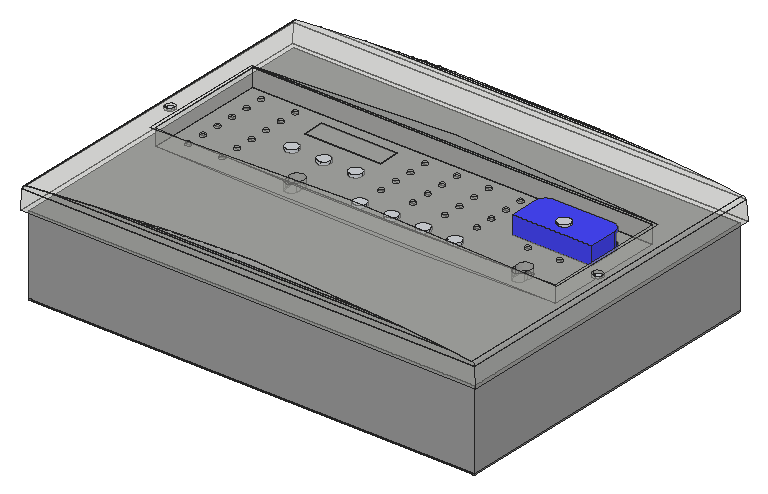
Revit family "Maxlogic Прибор управления пожаротушением, 4 шлейфа, 1 выход пожаротушения", category Fire Alarm Devices, host Face, Revit 2021
Family settings
  Host = Face
  Maintain Annotation Orientation = Yes
  Round Connector Dimension = Use Diameter
  Part Type = Normal
  OmniClass Number = 23.85.30.21
  OmniClass Title = Environmental Detection/Registration
  Cut with Voids When Loaded = No
  Shared = No
  Room Calculation Point = No
Parameters (values of type "Maxlogic Прибор управления пожаротушением, 4 шлейфа, 1 выход пожаротушения")
  Вес = "3900 гр"
  Монтажный короб для установки извещателя с поверхностной прокладкой кабеля = ""
  Гарантийный срок = "Года"
  Гарантийный срок запчастей = "2"
  Гарантия срока службы = "2"
  Версия = ""
  URL = "https://www.mavili.com.tr/"
  Монтажный комплект для установки извещателя в подвесной потолок = ""
  Номер позы общественных работ = ""
  Класс защиты = ""
  Код продукта = "ML-322"
  Номер телефона = "(+)90 216 466 45 05"
  Рабочее напряжение (по умолчанию) = ""
  Диапазон рабочего напряжения = ""
  Рабочая Температура = "(-5°C) - (+40°C)"
  Номинальная глубина = "100 мм"
  Номинальная ширина = "400 мм"
  Номинальная высота = "300 мм"
  Монтажная поверхность = "Настенная"
  Монтажная высота = ""
  Model = "Maxlogic"
  Manufacturer = "Mavili Elektronik Ticaret A.Ş."
  Инструкция по установке = "https://mavilielektronik.com/Revit/ML321_RU.pdf"
  Выход индикации = ""
  Номер факса = "(+)90 216 466 45 10"
  Резервное питание = "220 В Перем. ток"
  Почта = "mavili@mavili.com.tr"
  Отказ = ""
  Настройка адреса устройства = ""
  Description = "Прибор управления пожаротушением, 4 шлейфа, 1 выход пожаротушения"
  Default Elevation = 0 mm
  Потребление тока = ""
  Валюта = ""
  Cost = 0
  Совместимые базы для монтажа = ""
  Цвет = "Белый"
  Производительность кода = "EN 54-2, EN 54-4"
  Главный Материал = "Серый металлический"
  Вторичный материал = "Белый пластмассовый ABS"
  Аккумулятор = "2 X  (12В Пост. ток 7 Aм/ч. )"
  Assembly Code = ""
  Адрес №1 = "Şerifali Mahallesi Kutup Sokak No:27/1-2-4 Ümraniye TR-34775 İSTANBUL"
Reference planes
  plane 1 "Center (Front/Back)": y = 0
  plane 2: z = 0
  plane 3 "Center (Left/Right)": x = 0
Forms (mm)
  Extrusion 1, solid, material "mavili arka kasa"
    sketch origin (-210, -150, 148.173) x (1, 0, 0) y (0, 0, -1)
      loop
        line (42.905, 77.3) -> (434.905, 77.3) -> (434.905, 146.904)
        arc (434.905, 146.904) -> (434.545, 147.715) -> (433.785, 148.173) r 1.476
        line (433.785, 148.173) -> (44.505, 148.173)
        arc (44.505, 148.173) -> (43.374, 147.704) -> (42.905, 146.573) r 1.6
        line (42.905, 146.573) -> (42.905, 77.3)
    from 0 to 300
  Extrusion 2, solid, material "Mavili beyaz"
    sketch origin (-210, -150, 148.173) x (1, 0, 0) y (0, 0, -1)
      loop
        line (38.905, 77.3) -> (39.824, 59.769)
        arc (39.824, 59.769) -> (40.651, 57.854) -> (42.526, 56.941) r 3
        arc (42.526, 56.941) -> (238.905, 47.3) -> (435.284, 56.941) r 2005
        arc (435.284, 56.941) -> (437.16, 57.854) -> (437.987, 59.769) r 3
        line (437.987, 59.769) -> (438.905, 77.3) -> (38.905, 77.3)
    from 0 to 300
  Extrusion 3, void
    sketch origin (-167.095, -150, 70.872) x (0, 0, 1) y (0, -1, 0)
      loop
        arc (-69.27, -296) -> (-70.403, -295.532) -> (-70.872, -294.4) r 1.6
        line (-70.872, -294.4) -> (-70.872, -300) -> (0, -300) -> (0, -296) -> (-69.27, -296)
    from 0 to 392
  Extrusion 4, void
    sketch origin (-167.095, 150, 70.872) x (0, 0, 1) y (0, -1, 0)
      loop
        line (-69.27, 296) -> (0, 296) -> (0, 300) -> (-70.872, 300) -> (-70.872, 294.4)
        arc (-70.872, 294.4) -> (-70.403, 295.532) -> (-69.27, 296) r 1.6
    from 0 to 392
  Extrusion 5, void
    sketch origin (-210, -150, 148.173) x (0, 0, -1) y (0, 1, 0)
      loop
        line (55.289, 116.326) -> (55.289, 228.158) -> (47.3, 228.297) -> (47.3, 111.721) -> (55.289, 116.326)
    from 0 to 497.127
  Extrusion 6, void
    sketch origin (-210, -150, 148.173) x (0, 0, -1) y (0, 1, 0)
      loop
        arc (47.3, 295.581) -> (48.124, 297.646) -> (50.143, 298.577) r 3
        line (50.143, 298.577) -> (51.913, 298.669) -> (55.057, 298.834) -> (59.769, 299.081) -> (77.3, 300) -> (50, 300) -> (47.3, 300) -> (47.3, 295.581)
    from 0 to 493.151
  Extrusion 7, void
    sketch origin (-210, 150, 148.173) x (0, 0, -1) y (0, 1, 0)
      loop
        line (47.3, -295.581) -> (47.3, -300) -> (50, -300) -> (77.3, -300) -> (59.769, -299.081) -> (55.057, -298.834) -> (51.913, -298.669) -> (50.143, -298.577)
        arc (50.143, -298.577) -> (48.124, -297.646) -> (47.3, -295.581) r 3
    from 0 to 493.151
  Extrusion 8, void
    sketch origin (-167.095, 146, 25.472) x (0, 0, -1) y (1, 0, 0)
      loop
        line (-13.523, 66.9) -> (-13.523, 68.054)
        arc (-13.523, 68.054) -> (-15, 68.144) -> (-16.477, 68.054) r 12.144
        line (-16.477, 68.054) -> (-16.477, 66.9)
        arc (-16.477, 66.9) -> (-26, 56.025) -> (-16.527, 45.106) r 11
        line (-16.527, 45.106) -> (-16.527, 43.952)
        arc (-16.527, 43.952) -> (-15, 43.856) -> (-13.473, 43.952) r 12.144
        line (-13.473, 43.952) -> (-13.473, 45.106)
        arc (-13.473, 45.106) -> (-4, 56.025) -> (-13.523, 66.9) r 11
    from 0 to 1
  Extrusion 9, void
    sketch origin (-127.095, 146, 25.472) x (0, 0, -1) y (1, 0, 0)
      loop
        line (-13.523, 66.9) -> (-13.523, 68.054)
        arc (-13.523, 68.054) -> (-15, 68.144) -> (-16.477, 68.054) r 12.144
        line (-16.477, 68.054) -> (-16.477, 66.9)
        arc (-16.477, 66.9) -> (-26, 56.025) -> (-16.527, 45.106) r 11
        line (-16.527, 45.106) -> (-16.527, 43.952)
        arc (-16.527, 43.952) -> (-15, 43.856) -> (-13.473, 43.952) r 12.144
        line (-13.473, 43.952) -> (-13.473, 45.106)
        arc (-13.473, 45.106) -> (-4, 56.025) -> (-13.523, 66.9) r 11
    from 0 to 1
  Extrusion 10, void
    sketch origin (-87.095, 146, 25.472) x (0, 0, -1) y (1, 0, 0)
      loop
        line (-13.523, 66.9) -> (-13.523, 68.054)
        arc (-13.523, 68.054) -> (-15, 68.144) -> (-16.477, 68.054) r 12.144
        line (-16.477, 68.054) -> (-16.477, 66.9)
        arc (-16.477, 66.9) -> (-26, 56.025) -> (-16.527, 45.106) r 11
        line (-16.527, 45.106) -> (-16.527, 43.952)
        arc (-16.527, 43.952) -> (-15, 43.856) -> (-13.473, 43.952) r 12.144
        line (-13.473, 43.952) -> (-13.473, 45.106)
        arc (-13.473, 45.106) -> (-4, 56.025) -> (-13.523, 66.9) r 11
    from 0 to 1
  Extrusion 11, void
    sketch origin (-47.095, 146, 25.472) x (0, 0, -1) y (1, 0, 0)
      loop
        line (-13.523, 66.9) -> (-13.523, 68.054)
        arc (-13.523, 68.054) -> (-15, 68.144) -> (-16.477, 68.054) r 12.144
        line (-16.477, 68.054) -> (-16.477, 66.9)
        arc (-16.477, 66.9) -> (-26, 56.025) -> (-16.527, 45.106) r 11
        line (-16.527, 45.106) -> (-16.527, 43.952)
        arc (-16.527, 43.952) -> (-15, 43.856) -> (-13.473, 43.952) r 12.144
        line (-13.473, 43.952) -> (-13.473, 45.106)
        arc (-13.473, 45.106) -> (-4, 56.025) -> (-13.523, 66.9) r 11
    from 0 to 1
  Extrusion 12, void
    sketch origin (-7.095, 146, 25.472) x (0, 0, -1) y (1, 0, 0)
      loop
        line (-13.523, 66.9) -> (-13.523, 68.054)
        arc (-13.523, 68.054) -> (-15, 68.144) -> (-16.477, 68.054) r 12.144
        line (-16.477, 68.054) -> (-16.477, 66.9)
        arc (-16.477, 66.9) -> (-26, 56.025) -> (-16.527, 45.106) r 11
        line (-16.527, 45.106) -> (-16.527, 43.952)
        arc (-16.527, 43.952) -> (-15, 43.856) -> (-13.473, 43.952) r 12.144
        line (-13.473, 43.952) -> (-13.473, 45.106)
        arc (-13.473, 45.106) -> (-4, 56.025) -> (-13.523, 66.9) r 11
    from 0 to 1
  Extrusion 13, void
    sketch origin (32.905, 146, 25.472) x (0, 0, -1) y (1, 0, 0)
      loop
        line (-13.523, 66.9) -> (-13.523, 68.054)
        arc (-13.523, 68.054) -> (-15, 68.144) -> (-16.477, 68.054) r 12.144
        line (-16.477, 68.054) -> (-16.477, 66.9)
        arc (-16.477, 66.9) -> (-26, 56.025) -> (-16.527, 45.106) r 11
        line (-16.527, 45.106) -> (-16.527, 43.952)
        arc (-16.527, 43.952) -> (-15, 43.856) -> (-13.473, 43.952) r 12.144
        line (-13.473, 43.952) -> (-13.473, 45.106)
        arc (-13.473, 45.106) -> (-4, 56.025) -> (-13.523, 66.9) r 11
    from 0 to 1
  Extrusion 14, void
    sketch origin (72.905, 146, 25.472) x (0, 0, -1) y (1, 0, 0)
      loop
        line (-13.523, 66.9) -> (-13.523, 68.054)
        arc (-13.523, 68.054) -> (-15, 68.144) -> (-16.477, 68.054) r 12.144
        line (-16.477, 68.054) -> (-16.477, 66.9)
        arc (-16.477, 66.9) -> (-26, 56.025) -> (-16.527, 45.106) r 11
        line (-16.527, 45.106) -> (-16.527, 43.952)
        arc (-16.527, 43.952) -> (-15, 43.856) -> (-13.473, 43.952) r 12.144
        line (-13.473, 43.952) -> (-13.473, 45.106)
        arc (-13.473, 45.106) -> (-4, 56.025) -> (-13.523, 66.9) r 11
    from 0 to 1
  Extrusion 15, void
    sketch origin (112.905, 146, 25.472) x (0, 0, -1) y (1, 0, 0)
      loop
        line (-13.523, 66.9) -> (-13.523, 68.054)
        arc (-13.523, 68.054) -> (-15, 68.144) -> (-16.477, 68.054) r 12.144
        line (-16.477, 68.054) -> (-16.477, 66.9)
        arc (-16.477, 66.9) -> (-26, 56.025) -> (-16.527, 45.106) r 11
        line (-16.527, 45.106) -> (-16.527, 43.952)
        arc (-16.527, 43.952) -> (-15, 43.856) -> (-13.473, 43.952) r 12.144
        line (-13.473, 43.952) -> (-13.473, 45.106)
        arc (-13.473, 45.106) -> (-4, 56.025) -> (-13.523, 66.9) r 11
    from 0 to 1
  Extrusion 16, void
    sketch origin (-210, -33.417, 92.884) x (-1, 0, 0) y (0, 1, 0)
      loop
        line (-62.836, 2.214) -> (-62.836, 108.579)
        spline (-62.836, 108.579) -> (-92.123, 108.62) -> (-121.442, 108.654) -> (-150.785, 108.681) -> (-180.148, 108.699) -> (-209.524, 108.711) -> (-238.905, 108.714) -> (-268.287, 108.711) -> (-297.662, 108.699) -> (-327.025, 108.681) -> (-356.369, 108.654) -> (-385.687, 108.62) -> (-414.974, 108.579)
        line (-414.974, 108.579) -> (-414.974, 2.214)
        spline (-414.974, 2.214) -> (-385.687, 0.847) -> (-356.369, -0.273) -> (-327.025, -1.144) -> (-297.662, -1.766) -> (-268.287, -2.14) -> (-238.905, -2.264) -> (-209.524, -2.14) -> (-180.148, -1.766) -> (-150.785, -1.144) -> (-121.442, -0.273) -> (-92.123, 0.847) -> (-62.836, 2.214)
    from 0 to 15
  Revolve 17, solid, material "Glass"
    sketch origin (-225, 152.917, 77.884) x (-1, 0, 0) y (0, -1, 0)
      loop
        arc (-91.405, 87.917) -> (-93.905, 90.417) -> (-96.405, 87.917) r 2.5
        line (-96.405, 87.917) -> (-91.405, 87.917)
      axis (-91.405, 87.917) -> (-96.405, 87.917)
    angle from 0 to -180
  Extrusion 18, void
    sketch origin (-210, -33.417, 92.884) x (-1, 0, 0) y (0, 1, 0)
      loop
        circle (-50.905, 33.417) r 4.25
    from 0 to 3
  Extrusion 19, solid
    sketch origin (-210, -33.442, 89.884) x (0, 1, 0) y (-1, 0, 0)
      loop
        line (35.753, -50.862) -> (34.597, -48.861) -> (32.286, -48.861) -> (31.13, -50.862) -> (32.286, -52.864) -> (34.597, -52.864) -> (35.753, -50.862)
    from 0 to 1
  Extrusion 20, void
    sketch origin (267.811, -33.417, 92.884) x (-1, 0, 0) y (0, 1, 0)
      loop
        circle (50.905, 33.417) r 4.25
    from 0 to 3
  Extrusion 21, solid
    sketch origin (267.811, -33.442, 89.884) x (0, 1, 0) y (-1, 0, 0)
      loop
        line (35.753, 50.862) -> (34.597, 52.864) -> (32.286, 52.864) -> (31.13, 50.862) -> (32.286, 48.861) -> (34.597, 48.861) -> (35.753, 50.862)
    from 0 to 1
  Revolve 22, solid, material "Glass"
    sketch origin (-225, 136.917, 77.884) x (-1, 0, 0) y (0, -1, 0)
      loop
        arc (-91.405, 87.917) -> (-93.905, 90.417) -> (-96.405, 87.917) r 2.5
        line (-96.405, 87.917) -> (-91.405, 87.917)
      axis (-91.405, 87.917) -> (-96.405, 87.917)
    angle from 0 to -180
  Revolve 23, solid, material "Glass"
    sketch origin (-225, 120.917, 77.884) x (-1, 0, 0) y (0, -1, 0)
      loop
        arc (-91.405, 87.917) -> (-93.905, 90.417) -> (-96.405, 87.917) r 2.5
        line (-96.405, 87.917) -> (-91.405, 87.917)
      axis (-91.405, 87.917) -> (-96.405, 87.917)
    angle from 0 to -180
  Revolve 24, solid, material "Glass"
    sketch origin (-225, 104.917, 77.884) x (-1, 0, 0) y (0, -1, 0)
      loop
        arc (-91.405, 87.917) -> (-93.905, 90.417) -> (-96.405, 87.917) r 2.5
        line (-96.405, 87.917) -> (-91.405, 87.917)
      axis (-91.405, 87.917) -> (-96.405, 87.917)
    angle from 0 to -180
  Extrusion 25, solid
    sketch origin (62, -24.417, 92.758) x (0, 1, 0) y (-1, 0, 0)
      loop
        circle (63.417, -93.905) r 5.5
    from 0 to 2
  Extrusion 26, solid
    sketch origin (-25, -70.435, 77.884) x (0, 1, 0) y (-1, 0, 0)
      loop
        circle (63.417, -93.905) r 5.5
    from 0 to 2
  Extrusion 27, solid
    sketch origin (-53, -70.417, 77.884) x (0, 1, 0) y (-1, 0, 0)
      loop
        circle (63.417, -93.905) r 5.5
    from 0 to 2
  Extrusion 28, solid
    sketch origin (-81, -70.417, 77.884) x (0, 1, 0) y (-1, 0, 0)
      loop
        circle (63.417, -93.905) r 5.5
    from 0 to 2
  Extrusion 29, solid
    sketch origin (-166, -38.417, 77.884) x (0, 1, 0) y (-1, 0, 0)
      loop
        circle (63.417, -93.905) r 5.5
    from 0 to 2
  Revolve 30, solid, material "Glass"
    sketch origin (-225, 88.917, 77.884) x (-1, 0, 0) y (0, -1, 0)
      loop
        arc (-91.405, 87.917) -> (-93.905, 90.417) -> (-96.405, 87.917) r 2.5
        line (-96.405, 87.917) -> (-91.405, 87.917)
      axis (-91.405, 87.917) -> (-96.405, 87.917)
    angle from 0 to -180
  Revolve 31, solid, material "Glass"
    sketch origin (-225, 72.917, 77.884) x (-1, 0, 0) y (0, -1, 0)
      loop
        arc (-91.405, 87.917) -> (-93.905, 90.417) -> (-96.405, 87.917) r 2.5
        line (-96.405, 87.917) -> (-91.405, 87.917)
      axis (-91.405, 87.917) -> (-96.405, 87.917)
    angle from 0 to -180
  Revolve 32, solid, material "Glass"
    sketch origin (-195, 152.917, 77.884) x (-1, 0, 0) y (0, -1, 0)
      loop
        arc (-91.405, 87.917) -> (-93.905, 90.417) -> (-96.405, 87.917) r 2.5
        line (-96.405, 87.917) -> (-91.405, 87.917)
      axis (-91.405, 87.917) -> (-96.405, 87.917)
    angle from 0 to -180
  Revolve 33, solid, material "Glass"
    sketch origin (-195, 136.917, 77.884) x (-1, 0, 0) y (0, -1, 0)
      loop
        arc (-91.405, 87.917) -> (-93.905, 90.417) -> (-96.405, 87.917) r 2.5
        line (-96.405, 87.917) -> (-91.405, 87.917)
      axis (-91.405, 87.917) -> (-96.405, 87.917)
    angle from 0 to -180
  Revolve 34, solid, material "Glass"
    sketch origin (-195, 120.917, 77.884) x (-1, 0, 0) y (0, -1, 0)
      loop
        arc (-91.405, 87.917) -> (-93.905, 90.417) -> (-96.405, 87.917) r 2.5
        line (-96.405, 87.917) -> (-91.405, 87.917)
      axis (-91.405, 87.917) -> (-96.405, 87.917)
    angle from 0 to -180
  Revolve 35, solid, material "Glass"
    sketch origin (-195, 104.917, 77.884) x (-1, 0, 0) y (0, -1, 0)
      loop
        arc (-91.405, 87.917) -> (-93.905, 90.417) -> (-96.405, 87.917) r 2.5
        line (-96.405, 87.917) -> (-91.405, 87.917)
      axis (-91.405, 87.917) -> (-96.405, 87.917)
    angle from 0 to -180
  Revolve 36, solid, material "Glass"
    sketch origin (-195, 88.917, 77.884) x (-1, 0, 0) y (0, -1, 0)
      loop
        arc (-91.405, 87.917) -> (-93.905, 90.417) -> (-96.405, 87.917) r 2.5
        line (-96.405, 87.917) -> (-91.405, 87.917)
      axis (-91.405, 87.917) -> (-96.405, 87.917)
    angle from 0 to -180
  Revolve 37, solid, material "Glass"
    sketch origin (-195, 72.917, 77.884) x (-1, 0, 0) y (0, -1, 0)
      loop
        arc (-91.405, 87.917) -> (-93.905, 90.417) -> (-96.405, 87.917) r 2.5
        line (-96.405, 87.917) -> (-91.405, 87.917)
      axis (-91.405, 87.917) -> (-96.405, 87.917)
    angle from 0 to -180
  Extrusion 38, solid
    sketch origin (-138, -38.417, 77.884) x (0, 1, 0) y (-1, 0, 0)
      loop
        circle (63.417, -93.905) r 5.5
    from 0 to 2
  Extrusion 39, solid
    sketch origin (-110, -38.417, 77.884) x (0, 1, 0) y (-1, 0, 0)
      loop
        circle (63.417, -93.905) r 5.5
    from 0 to 2
  Extrusion 40, solid
    sketch origin (3, -70.435, 77.884) x (0, 1, 0) y (-1, 0, 0)
      loop
        circle (63.417, -93.905) r 5.5
    from 0 to 2
  Revolve 41, solid, material "Glass"
    sketch origin (-80.971, 152.917, 77.884) x (-1, 0, 0) y (0, -1, 0)
      loop
        arc (-91.405, 87.917) -> (-93.905, 90.417) -> (-96.405, 87.917) r 2.5
        line (-96.405, 87.917) -> (-91.405, 87.917)
      axis (-91.405, 87.917) -> (-96.405, 87.917)
    angle from 0 to -180
  Revolve 42, solid, material "Glass"
    sketch origin (-80.971, 136.917, 77.884) x (-1, 0, 0) y (0, -1, 0)
      loop
        arc (-91.405, 87.917) -> (-93.905, 90.417) -> (-96.405, 87.917) r 2.5
        line (-96.405, 87.917) -> (-91.405, 87.917)
      axis (-91.405, 87.917) -> (-96.405, 87.917)
    angle from 0 to -180
  Revolve 43, solid, material "Glass"
    sketch origin (-80.971, 120.917, 77.884) x (-1, 0, 0) y (0, -1, 0)
      loop
        arc (-91.405, 87.917) -> (-93.905, 90.417) -> (-96.405, 87.917) r 2.5
        line (-96.405, 87.917) -> (-91.405, 87.917)
      axis (-91.405, 87.917) -> (-96.405, 87.917)
    angle from 0 to -180
  Revolve 44, solid, material "Glass"
    sketch origin (-80.971, 104.917, 77.884) x (-1, 0, 0) y (0, -1, 0)
      loop
        arc (-91.405, 87.917) -> (-93.905, 90.417) -> (-96.405, 87.917) r 2.5
        line (-96.405, 87.917) -> (-91.405, 87.917)
      axis (-91.405, 87.917) -> (-96.405, 87.917)
    angle from 0 to -180
  Revolve 45, solid, material "Glass"
    sketch origin (-53, 152.917, 77.884) x (-1, 0, 0) y (0, -1, 0)
      loop
        arc (-91.405, 87.917) -> (-93.905, 90.417) -> (-96.405, 87.917) r 2.5
        line (-96.405, 87.917) -> (-91.405, 87.917)
      axis (-91.405, 87.917) -> (-96.405, 87.917)
    angle from 0 to -180
  Revolve 46, solid, material "Glass"
    sketch origin (-53, 136.917, 77.884) x (-1, 0, 0) y (0, -1, 0)
      loop
        arc (-91.405, 87.917) -> (-93.905, 90.417) -> (-96.405, 87.917) r 2.5
        line (-96.405, 87.917) -> (-91.405, 87.917)
      axis (-91.405, 87.917) -> (-96.405, 87.917)
    angle from 0 to -180
  Revolve 47, solid, material "Glass"
    sketch origin (-53, 120.917, 77.884) x (-1, 0, 0) y (0, -1, 0)
      loop
        arc (-91.405, 87.917) -> (-93.905, 90.417) -> (-96.405, 87.917) r 2.5
        line (-96.405, 87.917) -> (-91.405, 87.917)
      axis (-91.405, 87.917) -> (-96.405, 87.917)
    angle from 0 to -180
  Revolve 48, solid, material "Glass"
    sketch origin (-53, 104.917, 77.884) x (-1, 0, 0) y (0, -1, 0)
      loop
        arc (-91.405, 87.917) -> (-93.905, 90.417) -> (-96.405, 87.917) r 2.5
        line (-96.405, 87.917) -> (-91.405, 87.917)
      axis (-91.405, 87.917) -> (-96.405, 87.917)
    angle from 0 to -180
  Revolve 49, solid, material "Glass"
    sketch origin (-25, 152.917, 77.884) x (-1, 0, 0) y (0, -1, 0)
      loop
        arc (-91.405, 87.917) -> (-93.905, 90.417) -> (-96.405, 87.917) r 2.5
        line (-96.405, 87.917) -> (-91.405, 87.917)
      axis (-91.405, 87.917) -> (-96.405, 87.917)
    angle from 0 to -180
  Revolve 50, solid, material "Glass"
    sketch origin (-25, 136.917, 77.884) x (-1, 0, 0) y (0, -1, 0)
      loop
        arc (-91.405, 87.917) -> (-93.905, 90.417) -> (-96.405, 87.917) r 2.5
        line (-96.405, 87.917) -> (-91.405, 87.917)
      axis (-91.405, 87.917) -> (-96.405, 87.917)
    angle from 0 to -180
  Revolve 51, solid, material "Glass"
    sketch origin (-25, 120.917, 77.884) x (-1, 0, 0) y (0, -1, 0)
      loop
        arc (-91.405, 87.917) -> (-93.905, 90.417) -> (-96.405, 87.917) r 2.5
        line (-96.405, 87.917) -> (-91.405, 87.917)
      axis (-91.405, 87.917) -> (-96.405, 87.917)
    angle from 0 to -180
  Revolve 52, solid, material "Glass"
    sketch origin (-25, 104.917, 77.884) x (-1, 0, 0) y (0, -1, 0)
      loop
        arc (-91.405, 87.917) -> (-93.905, 90.417) -> (-96.405, 87.917) r 2.5
        line (-96.405, 87.917) -> (-91.405, 87.917)
      axis (-91.405, 87.917) -> (-96.405, 87.917)
    angle from 0 to -180
  Revolve 53, solid, material "Glass"
    sketch origin (3, 152.917, 77.884) x (-1, 0, 0) y (0, -1, 0)
      loop
        arc (-91.405, 87.917) -> (-93.905, 90.417) -> (-96.405, 87.917) r 2.5
        line (-96.405, 87.917) -> (-91.405, 87.917)
      axis (-91.405, 87.917) -> (-96.405, 87.917)
    angle from 0 to -180
  Revolve 54, solid, material "Glass"
    sketch origin (3, 136.917, 77.884) x (-1, 0, 0) y (0, -1, 0)
      loop
        arc (-91.405, 87.917) -> (-93.905, 90.417) -> (-96.405, 87.917) r 2.5
        line (-96.405, 87.917) -> (-91.405, 87.917)
      axis (-91.405, 87.917) -> (-96.405, 87.917)
    angle from 0 to -180
  Revolve 55, solid, material "Glass"
    sketch origin (3, 120.917, 77.884) x (-1, 0, 0) y (0, -1, 0)
      loop
        arc (-91.405, 87.917) -> (-93.905, 90.417) -> (-96.405, 87.917) r 2.5
        line (-96.405, 87.917) -> (-91.405, 87.917)
      axis (-91.405, 87.917) -> (-96.405, 87.917)
    angle from 0 to -180
  Revolve 56, solid, material "Glass"
    sketch origin (3, 104.917, 77.884) x (-1, 0, 0) y (0, -1, 0)
      loop
        arc (-91.405, 87.917) -> (-93.905, 90.417) -> (-96.405, 87.917) r 2.5
        line (-96.405, 87.917) -> (-91.405, 87.917)
      axis (-91.405, 87.917) -> (-96.405, 87.917)
    angle from 0 to -180
  Extrusion 57, void
    sketch origin (69.905, 42.159, 71.01) x (1, 0, 0) y (0, -1, 0)
      loop
        line (-108.85, 49.421) -> (-108.85, 53.059)
        arc (-108.85, 53.059) -> (-114, 58.209) -> (-119.15, 53.059) r 5.15
        line (-119.15, 53.059) -> (-119.15, 49.421)
        arc (-119.15, 49.421) -> (-114, 39.909) -> (-108.85, 49.421) r 6.15
    from -12 to 1
  Extrusion 58, void
    sketch origin (269.905, 42.159, 71.01) x (1, 0, 0) y (0, -1, 0)
      loop
        line (-108.85, 49.421) -> (-108.85, 53.059)
        arc (-108.85, 53.059) -> (-114, 58.209) -> (-119.15, 53.059) r 5.15
        line (-119.15, 53.059) -> (-119.15, 49.421)
        arc (-119.15, 49.421) -> (-114, 39.909) -> (-108.85, 49.421) r 6.15
    from -12 to 1
  Extrusion 59, solid, material "Poche"
    sketch origin (-210, -33.417, 77.884) x (-1, 0, 0) y (0, -1, 0)
      loop
        line (-330.905, -83.667) -> (-330.905, -59.167) -> (-400.905, -59.167) -> (-400.905, -83.667)
        arc (-400.905, -83.667) -> (-397.976, -90.738) -> (-390.905, -93.667) r 10
        line (-390.905, -93.667) -> (-340.905, -93.667)
        arc (-340.905, -93.667) -> (-333.834, -90.738) -> (-330.905, -83.667) r 10
    from 0 to 15.8
  Revolve 60, solid, material "Glass"
    sketch origin (48, 104.917, 77.884) x (-1, 0, 0) y (0, -1, 0)
      loop
        arc (-91.405, 87.917) -> (-93.905, 90.417) -> (-96.405, 87.917) r 2.5
        line (-96.405, 87.917) -> (-91.405, 87.917)
      axis (-91.405, 87.917) -> (-96.405, 87.917)
    angle from 0 to -180
  Revolve 61, solid, material "Glass"
    sketch origin (75.978, 104.917, 77.884) x (-1, 0, 0) y (0, -1, 0)
      loop
        arc (-91.405, 87.917) -> (-93.905, 90.417) -> (-96.405, 87.917) r 2.5
        line (-96.405, 87.917) -> (-91.405, 87.917)
      axis (-91.405, 87.917) -> (-96.405, 87.917)
    angle from 0 to -180
  Extrusion 62, void
    sketch origin (190.905, 60.25, 91.41) x (0, -1, 0) y (0, 0, 1)
      loop
        line (8, -10.4) -> (8, 0) -> (0, 0) -> (0, -10.4) -> (8, -10.4)
    from -1.098 to 70
  Extrusion 63, solid, material "Glass"
    sketch origin (-284.25, -20.789, 77.884) x (0, 1, 0) y (-1, 0, 0)
      loop
        line (85.539, -206.655) -> (66.539, -206.655) -> (66.539, -273.655) -> (85.539, -273.655) -> (85.539, -206.655)
    from 0 to 0.8
  Extrusion 64, void
    sketch origin (269.905, 42.159, 71.01) x (1, 0, 0) y (0, -1, 0)
      loop
        line (-108.85, 49.421) -> (-108.85, 53.059)
        arc (-108.85, 53.059) -> (-114, 58.209) -> (-119.15, 53.059) r 5.15
        line (-119.15, 53.059) -> (-119.15, 49.421)
        arc (-119.15, 49.421) -> (-114, 39.909) -> (-108.85, 49.421) r 6.15
    from -12 to 1
Cuts and joins
  Extrusion 3, Extrusion 4, Extrusion 8, Extrusion 9, Extrusion 10, Extrusion 11, Extrusion 12, Extrusion 13, Extrusion 14, Extrusion 15, Extrusion 57, Extrusion 58, Extrusion 64 cuts Extrusion 1
  Extrusion 3, Extrusion 4, Extrusion 5, Extrusion 6, Extrusion 7, Extrusion 16, Extrusion 18, Extrusion 20, Extrusion 57, Extrusion 64 cuts Extrusion 2
  Extrusion 20 cuts Extrusion 19
  Extrusion 57 cuts Revolve 48
  Extrusion 62 cuts Extrusion 59
Lines and regions (mm)
  model lines
    curve 1: arc (142.905, 41.4, 93.684) -> (144.37, 44.935, 93.684) -> (147.905, 46.4, 93.684) r 5
    curve 2: line (142.905, 41.4, 93.684) -> (142.905, 36.6, 93.684)
    curve 3: arc (147.905, 31.6, 93.684) -> (144.37, 33.064, 93.684) -> (142.905, 36.6, 93.684) r 5
    curve 4: line (147.905, 31.6, 93.684) -> (163.905, 31.6, 93.684)
    curve 5: arc (168.905, 36.6, 93.684) -> (167.441, 33.064, 93.684) -> (163.905, 31.6, 93.684) r 5
    curve 6: line (168.905, 36.6, 93.684) -> (168.905, 41.4, 93.684)
    curve 7: arc (163.905, 46.4, 93.684) -> (167.441, 44.935, 93.684) -> (168.905, 41.4, 93.684) r 5
    curve 8: line (163.905, 46.4, 93.684) -> (147.905, 46.4, 93.684)
    curve 9: line (189.405, 48.75, 93.684) -> (122.405, 48.75, 93.684)
    curve 10: line (120.905, 50.25, 93.684) -> (190.905, 50.25, 93.684)
    curve 11: line (122.905, 52.25, 93.684) -> (188.905, 52.25, 93.684)
    curve 12: line (122.905, 27.75, 93.684) -> (122.905, 52.25, 93.684)
    curve 13: line (130.905, 50.25, 93.684) -> (130.905, 52.25, 93.684)
    curve 14: line (161.205, 52.95, 93.684) -> (150.605, 52.95, 93.684)
    curve 15: line (150.605, 52.95, 93.684) -> (150.605, 50.25, 93.684)
    curve 16: line (161.205, 50.25, 93.684) -> (161.205, 52.95, 93.684)
    curve 17: line (160.905, 50.25, 93.684) -> (160.905, 52.25, 93.684)
    curve 18: line (150.905, 52.25, 93.684) -> (150.905, 50.25, 93.684)
    curve 19: line (180.905, 52.25, 93.684) -> (180.905, 50.25, 93.684)
    curve 20: line (188.905, 52.25, 93.684) -> (188.905, 27.75, 93.684)
    curve 21: line (189.405, 27.75, 93.684) -> (189.405, 50.25, 93.684)
    curve 22: line (122.405, 50.25, 93.684) -> (122.405, 27.75, 93.684)
    curve 23: arc (179.805, 39, 93.684) -> (181.405, 37.4, 93.684) -> (183.005, 39, 93.684) r 1.6
    curve 24: arc (183.005, 39, 93.684) -> (181.405, 40.6, 93.684) -> (179.805, 39, 93.684) r 1.6
    curve 25: arc (128.805, 39, 93.684) -> (130.405, 37.4, 93.684) -> (132.005, 39, 93.684) r 1.6
    curve 26: arc (132.005, 39, 93.684) -> (130.405, 40.6, 93.684) -> (128.805, 39, 93.684) r 1.6
    curve 27: line (190.905, 27.75, 93.684) -> (120.905, 27.75, 93.684)
    curve 28: line (163.905, 3.75, 77.884) -> (147.905, 3.75, 77.884)
    curve 29: line (147.905, 3.75, 77.884) -> (147.905, -17.55, 77.884)
    curve 30: line (147.905, -17.55, 77.884) -> (163.905, -17.55, 77.884)
    curve 31: line (163.905, -17.55, 77.884) -> (163.905, 3.75, 77.884)
    curve 32: line (-52.095, -17.55, 77.884) -> (-36.095, -17.55, 77.884)
    curve 33: line (-36.095, -17.55, 77.884) -> (-36.095, 3.75, 77.884)
    curve 34: line (-36.095, 3.75, 77.884) -> (-52.095, 3.75, 77.884)
    curve 35: line (-52.095, 3.75, 77.884) -> (-52.095, -17.55, 77.884)
    curve 36: arc (-38.345, -7.436, 77.884) -> (-44.095, 2.85, 77.884) -> (-49.845, -7.436, 77.884) r 6.75
    curve 37: line (-49.845, -7.436, 77.884) -> (-49.845, -10.9, 77.884)
    curve 38: arc (-49.845, -10.9, 77.884) -> (-44.095, -16.65, 77.884) -> (-38.345, -10.9, 77.884) r 5.75
    curve 39: line (-38.345, -10.9, 77.884) -> (-38.345, -7.436, 77.884)
    curve 40: arc (161.655, -7.436, 77.884) -> (155.905, 2.85, 77.884) -> (150.155, -7.436, 77.884) r 6.75
    curve 41: line (150.155, -7.436, 77.884) -> (150.155, -10.9, 77.884)
    curve 42: arc (150.155, -10.9, 77.884) -> (155.905, -16.65, 77.884) -> (161.655, -10.9, 77.884) r 5.75
    curve 43: line (161.655, -10.9, 77.884) -> (161.655, -7.436, 77.884)
Dimensions and locks
  aligned and locked: plane 2 to host face
  aligned and locked: level to host face
Connectors
  electrical at (29.145, 0, 0)
    settings: on cut or joined group of Extrusion 1, Extrusion 3, Extrusion 4, Extrusion 8, Extrusion 9, Extrusion 10, Extrusion 11, Extrusion 12, Extrusion 13, Extrusion 14, Extrusion 15, Extrusion 57, Extrusion 58, Extrusion 64, index 1, voltage 0 V, apparent load 0 VA, apparent load phase1 0 VA, apparent load phase2 0 VA, apparent load phase3 0 VA, power factor 1, load classification "Other", number of poles 1, system type 31, power factor state 1, is connector primary yes, connector utility no, sub classification motor no, connector description ""
